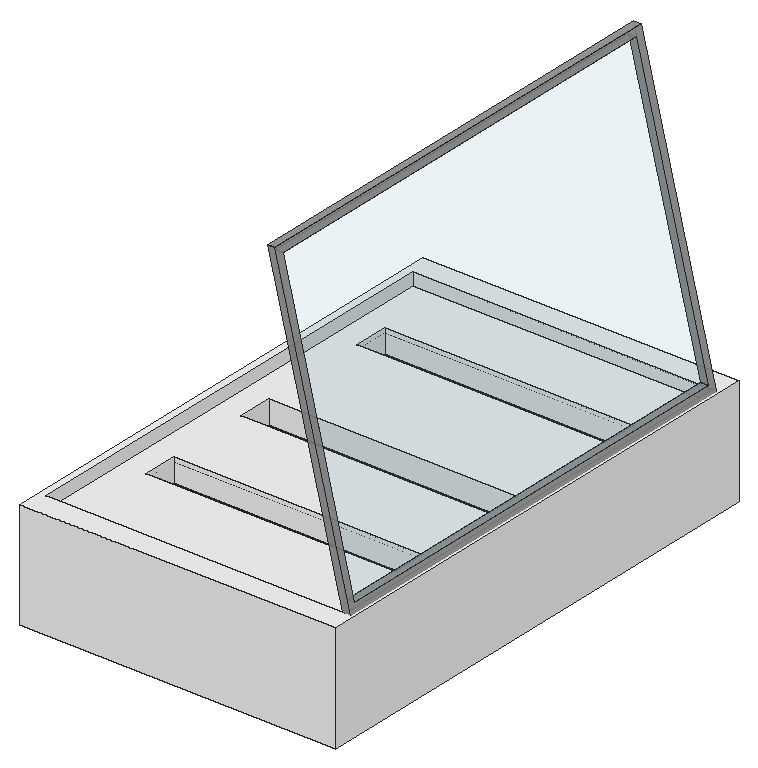
Revit family "Building-SurfaceMountingEnclosures-GEWISS-40CDK-ENCLOSURES_IP65_3X", category Apparecchi elettrici, host Superficie, Revit 2016
Family settings
  Host = Superficie
  Mantenere orientamento annotazione = Sì
  Tipo di parte = Normale
  Quota connettore circolare = Usa diametro
  Numero OmniClass = 23.80.30.11.17
  Titolo OmniClass = Distribution Boards and Control Panels
  Taglio con vuoti quando caricato = No
  Condiviso = No
  Punto di calcolo locali = Sì
Parameters (values of type "GW40108 - SUR. MOU. DISTRIB.BOARD 54M.(18X3) IP65")
  voltaggio_quadro = 0 V
  fase1 = 0 VA
  Version file RFA = "18.0"
  VISIBILITA'_QUADRO_IN PIANTA [instance] = yes
  VISIBILITA'_ETICHETTA QUADRO [instance] = yes
  URL = "https://www.gewiss.com/ww/en"
  Type of material = "Halogen-free in compliance with EN 60754-2"
  Thermo-pressure with ball = "70 °C"
  Technical sheet = "https://www.gewiss.com/ww/en/search?q=GW40108"
  Standard. = "EN 60670-1 (CEI 23-48) IEC60670-24 CEI 23-49"
  Standard = "EN 60670-1 (CEI 23-48) IEC60670-24 CEI 23-49"
  Spostamento_x [instance] = 1000 mm
  Spostamento_effettivo_x [instance] = 1000 mm + Spostamento_x  # 2000 mm
  Spostamento_effettivo_x_ET [instance] = 1000 mm + Spostamento_x_ET  # 2000 mm
  Spostamento_x_ET = 1000 mm
  VISIBILITA'_SPORTELLO [instance] = yes
  VISIBILITA'_SIMBOLO_2D [instance] = yes
  Shock resistance = "IK09"
  SEO = "Board"
  Realized by GEWISS S.p.A. = ""
  Rated voltage = "400V"
  Rated insulation voltage (Ui) = "1000 V"
  Rated current: = "125A"
  QUADRO = FINITURA BIANCA
  Default Elevation = 1219.2 mm
  Prondita_quadro = 140 mm  # constant formula
  Produttore = "GEWISS S.p.A."
  Outer dim. LxHxD (mm) = "410x655x140"
  Operating temperature = "-25 +60 °C"
  Nome quadro [instance] = "Nome quadro"
  No. of modules EN 50022: = "54 (18x3)"
  No. of modules EN 50022 = "54 (18x3)"
  N.M. = 18
  Modello = "GW40108"
  Max. installable terminal blocks = "2 x18 modules"
  L_quadro = 410 mm
  L_finestratura = Dimensione_modulo * N.M.  # 324 mm
  Insulation voltage: = "1000 V according to EN 62208 both in ac as well as in dc"
  Insulation class = "II (according to IEC 61140 standards)"
  IP degree = "IP65"
  IDT = "68f9e14e-b0aa-41f9-8f3c-b00676268cd7"
  IDF = "776dcc74-c8dd-4db0-98ea-e49dd677a339"
  H_quadro = 655 mm
  H_finestratura = 45 mm  # constant formula
  Glow Wire Test = "650°C"
  Electrocod = "0321"
  EAN code = "8011564062252"
  Door colour = "Smoked Transparent"
  Dispersible power (W) = "66"
  Dimensione_modulo = 18 mm
  Diametro_tubazione = 30 mm
  Descrizione = "SUR. MOU. DISTRIB.BOARD 54M.(18X3) IP65"
  Colour = "Grey RAL 7035"
  Catalogue Range = "40 CDK"
  Catalogue = "BUILDING"
  COBie.Tagnumber = ""
  COBie.CreatedOn = ""
  COBie.CreatebBy = ""
  COBie.ComponentRegisterItemID = ""
  COBie.Component.TagNumber = ""
  COBie.Component.Space = ""
  COBie.Component.SerialNumber = ""
  COBie.Component.InstallationDate = ""
  COBie.Component.Description = ""
  COBie.Component.BarCode = ""
  Apertura [instance] = 45.00°
  Accessories for insulation restoring = "Screwcaps (GW44623) or fixing brackets in resin (GW44621)"
Types (2, lengths in mm): name | Technical sheet | Outer dim. LxHxD (mm) | No. of modules EN 50022: | No. of modules EN 50022 | N.M. | Modello | Max. installable terminal blocks | L_quadro | L_finestratura | IDT | H_quadro | EAN code | Dispersible power (W) | Descrizione
  GW40105 - SUR. MOU. DISTRIB.BOARD 36M.(12X3) IP65 | "https://www.gewiss.com/ww/en/search?q=GW40105" | "298x570x140" | "36 (12x3)" | "36 (12x3)" | 12 | "GW40105" | "3 x 12 modules" | 298 | 216 | "85c86d03-d810-418a-93a3-42e2bad50342" | 570 | "8011564111370" | "42" | "SUR. MOU. DISTRIB.BOARD 36M.(12X3) IP65"
  GW40108 - SUR. MOU. DISTRIB.BOARD 54M.(18X3) IP65 | "https://www.gewiss.com/ww/en/search?q=GW40108" | "410x655x140" | "54 (18x3)" | "54 (18x3)" | 18 | "GW40108" | "2 x18 modules" | 410 | 324 | "68f9e14e-b0aa-41f9-8f3c-b00676268cd7" | 655 | "8011564062252" | "66" | "SUR. MOU. DISTRIB.BOARD 54M.(18X3) IP65"
Reference planes
  plane 1 "Centro (Fronte/Retro)": y = 0
  plane 2: z = 0
  plane 3 "Centro (Sinistra/Destra)": x = 0
  plane 4: x = -205
  plane 5: y = -327.5
  plane 6: x = 205
  plane 7: y = 327.5
  plane 8: x = -162
  plane 9: x = 162
  plane 10: z = 140
  plane 11: y = 297.5
  plane 12: y = -297.5
  plane 13 "POSIZIONE": z = 124
  plane 14: z = 94
  plane 15: z = 119
  plane 16: x = -2000
  plane 17: x = 0
  plane 18: z = 534
  plane 19: y = -153.94
  plane 20: y = 22.5
  plane 21: y = -22.5
  plane 22: x = -195
  plane 23: x = 195
  plane 24: x = 0
  plane 25: y = 211.06
  plane 26: y = 146.06
  plane 27: y = 166.06
  plane 28: y = -131.44
  plane 29: y = -176.44
  plane 30: z = 135
  plane 31: y = -196.44
  plane 32: y = -111.44
  plane 33: y = -42.5
  plane 34: y = 42.5
  plane 35: y = 146.06
  plane 36: y = 231.06
  plane 37: z = 150
  plane 38: y = 287.5
  plane 39: y = -287.5
Forms (mm)
  Extrusion 1, solid, material "FINITURA BIANCA" <- "QUADRO"
    sketch origin (0, 0, 0) x (1, 0, 0) y (0, 1, 0)
      loop
        line (-205, 327.5) -> (-205, -327.5) -> (205, -327.5) -> (205, 327.5) -> (-205, 327.5)
    from 0 to 140
  Extrusion 2, void
    sketch origin (0, 0, 0) x (1, 0, 0) y (0, 1, 0)
      loop
        line (-195, 297.5) -> (-195, -297.5) -> (195, -297.5) -> (195, 297.5) -> (-195, 297.5)
    from 124 to 140
  Extrusion 3, void
    sketch origin (0, 0, 0) x (1, 0, 0) y (0, 1, 0)
      loop
        line (-162, -131.44) -> (-162, -176.44) -> (162, -176.44) -> (162, -131.44) -> (-162, -131.44)
    from 94 to 140
  Extrusion 4, solid, material "Default - Vetro", visible <- "VISIBILITA'_SPORTELLO"
    sketch origin (23.292, 0, -21.697) x (0.970296, 0, 0.241922) y (-0.241922, 0, 0.970296)
      loop
        line (211.558, 97.41) -> (211.558, 519.962) -> (201.558, 522.455) -> (201.558, 99.903) -> (211.558, 97.41)
    from -297.5 to 297.5
  Extrusion 5, void
    sketch origin (0, 155, 0) x (1, 0, 0) y (0, 1, 0)
      loop
        line (-162, 56.06) -> (-162, 11.06) -> (162, 11.06) -> (162, 56.06) -> (-162, 56.06)
    from 94 to 124
  Extrusion 6, solid, material "SUP_TRASPARENTE"
    sketch origin (0, 0, 124) x (-1, 0, 0) y (0, -1, 0)
      loop
        line (162, -211.06) -> (162, -166.06) -> (-162, -166.06) -> (-162, -211.06) -> (162, -211.06)
      loop
        line (162, 131.44) -> (162, 176.44) -> (-162, 176.44) -> (-162, 131.44) -> (162, 131.44)
      loop
        line (-162, -22.5) -> (162, -22.5) -> (162, 22.5) -> (-162, 22.5) -> (-162, -22.5)
    from -5 to 0
  Extrusion 7, void
    sketch origin (0, 0, 124) x (-1, 0, 0) y (0, -1, 0)
      loop
        line (-162, -22.5) -> (162, -22.5) -> (162, 22.5) -> (-162, 22.5) -> (-162, -22.5)
    from -30 to 0
  Extrusion 8, void
    sketch origin (0, 0, 0) x (1, 0, 0) y (0, 0, 1)
      loop
        line (94.963, 524) -> (188.211, 150) -> (198.517, 150) -> (105.269, 524) -> (94.963, 524)
    from -287.5 to 287.5
  Extrusion 9, solid, material "Vetro", visible <- "VISIBILITA'_SPORTELLO"
    sketch origin (0, 0, 0) x (1, 0, 0) y (0, 0, 1)
      loop
        line (198.517, 150) -> (105.269, 524) -> (94.963, 524) -> (188.211, 150) -> (198.517, 150)
    from -287.5 to 287.5
Cuts and joins
  Extrusion 2, Extrusion 3, Extrusion 5, Extrusion 7 cuts Extrusion 1
  Extrusion 7, Extrusion 8 cuts Extrusion 4
  Extrusion 7 cuts Extrusion 6
Lines and regions (mm)
  Masking region 1, visible <- "VISIBILITA'_QUADRO_IN PIANTA"
    outline origin (0, 0, 0) x (1, 0, 0) y (0, 0, 1)
      loop
        line (-205, 140) -> (-205, 0) -> (205, 0) -> (205, 140) -> (-205, 140)
  symbolic lines, visible <- "VISIBILITA'_QUADRO_IN PIANTA"
    curve 1: arc (-205, 0, 140) -> (-173.791, 0, 296.9) -> (-84.914, 0, 429.914) r 410
    curve 2: line (-84.914, 0, 429.914) -> (205, 0, 140)
  model lines, style "InvisibleLines"
    curve 3: line (-162, -153.94, 124) -> (162, -153.94, 124)
    curve 4: line (-162, 146.06, 124) -> (162, 146.06, 124)
    curve 5: line (-162, 0, 124) -> (162, 0, 124)
Dimensions and locks
  equal spacing: plane 8, plane 3 "Centro (Sinistra/Destra)", plane 9
  equal spacing: plane 4, plane 3 "Centro (Sinistra/Destra)", plane 6
  equal spacing: plane 7, plane 1 "Centro (Fronte/Retro)", plane 5
  "L_quadro": plane 4 to plane 6
  "H_quadro": plane 7 to plane 5
  "Prondita_quadro": plane 10 to plane 2
  "L_finestratura": plane 8 to plane 9
  locked: plane 7 to plane 11 at 30
  locked: plane 12 to plane 5 at 30
  locked: plane 13 "POSIZIONE" to plane 14 at 30
  locked: plane 10 to plane 13 "POSIZIONE" at 16
  locked: plane 13 "POSIZIONE" to plane 15 at 5
  plane 16 to plane 3 "Centro (Sinistra/Destra)" = 2000 mm
  "Spostamento_effettivo_x": plane 16 to plane 17
  "L_quadro": plane 18 to plane 13 "POSIZIONE"
  locked: plane 4 to plane 22 at 10
  locked: plane 23 to plane 6 at 10
  equal spacing: plane 21, plane 1 "Centro (Fronte/Retro)", plane 20
  "H_finestratura": plane 21 to plane 20
  "Spostamento_effettivo_x_ET": plane 16 to plane 24
  locked: plane 10 to plane 30 at 5
  locked: plane 31 to plane 29 at 20
  locked: plane 28 to plane 32 at 20
  locked: plane 33 to plane 21 at 20
  locked: plane 20 to plane 34 at 20
  locked: plane 35 to plane 27 at 20
  locked: plane 25 to plane 36 at 20
  plane 25 to plane 27 = 45 mm
  locked: plane 11 to plane 36 at 66.44
  locked: plane 37 to plane 10 at 10
  locked: plane 18 to cut or joined group of Extrusion 4, Extrusion 7, Extrusion 8 at 10
  locked: plane 39 to plane 12 at 10
  locked: plane 11 to plane 38 at 10
  "Apertura": angle curve 1 to curve 1
  aligned and locked: plane 2 to host face
  aligned and locked: level to host face
  aligned and locked: Extrusion 1 sketch curve to plane 4
  aligned and locked: Extrusion 1 sketch curve to plane 7
  aligned and locked: Extrusion 1 sketch curve to plane 6
  aligned and locked: Extrusion 1 sketch curve to plane 5
  aligned and locked: plane 10 to Extrusion 1
  aligned and locked: Extrusion 2 sketch curve to plane 11
  aligned and locked: Extrusion 2 sketch curve to plane 12
  aligned and locked: Extrusion 2 to plane 13 "POSIZIONE"
  aligned and locked: plane 10 to Extrusion 2
  aligned and locked: Extrusion 3 sketch curve to plane 8
  aligned and locked: Extrusion 3 sketch curve to plane 9
  aligned and locked: Extrusion 3 to plane 14
  aligned and locked: plane 10 to Extrusion 3
  aligned and locked: Masking region 1 sketch curve to plane 4
  aligned and locked: Masking region 1 sketch curve to plane 6
  aligned and locked: Masking region 1 sketch curve to level
  aligned and locked: Masking region 1 sketch curve to plane 10
  aligned and locked: plane 11 to Extrusion 4
  aligned and locked: Extrusion 4 to plane 12
  aligned and locked: Extrusion 4 sketch curve to plane 13 "POSIZIONE"
  aligned and locked: plane 6 to Extrusion 4 sketch curve
  aligned and locked: Extrusion 4 sketch curve to plane 18
  aligned and locked: plane 10 to curve 2
  aligned and locked: plane 8 to curve 3
  aligned and locked: plane 9 to curve 3
  aligned and locked: plane 17 to nested 2
  aligned and locked: curve 3 to plane 19
  aligned and locked: Extrusion 2 sketch curve to plane 22
  aligned and locked: Extrusion 2 sketch curve to plane 23
  aligned and locked: Extrusion 6 sketch curve to plane 8  (x2)
  aligned and locked: Extrusion 6 sketch curve to plane 9  (x2)
  aligned and locked: Extrusion 6 to plane 15
  aligned and locked: plane 13 "POSIZIONE" to Extrusion 6
  aligned and locked: cut or joined group of Extrusion 1, Extrusion 2, Extrusion 3, Extrusion 5, Extrusion 7 to plane 14  (x2)
  aligned and locked: Extrusion 5 to Extrusion 2
  aligned and locked: Extrusion 6 sketch curve to plane 20
  aligned and locked: Extrusion 6 sketch curve to plane 21
  aligned and locked: Extrusion 7 sketch curve to plane 20
  aligned and locked: Extrusion 7 sketch curve to plane 21
  aligned and locked: Extrusion 7 sketch curve to plane 9
  aligned and locked: Extrusion 7 sketch curve to plane 8
  aligned and locked: Extrusion 7 to Extrusion 2
  aligned and locked: plane 1 "Centro (Fronte/Retro)" to curve 5
  aligned and locked: plane 8 to curve 5
  aligned and locked: plane 9 to curve 5
  aligned and locked: plane 24 to nested 1
  aligned and locked: curve 4 to plane 26
  aligned and locked: Extrusion 6 sketch curve to plane 25
  aligned and locked: Extrusion 6 sketch curve to plane 27
  aligned and locked: plane 28 to Extrusion 6 sketch curve
  aligned and locked: plane 29 to Extrusion 6 sketch curve
  aligned and locked: Extrusion 5 to cut or joined group of Extrusion 6, Extrusion 7  (x2)
  aligned and locked: plane 29 to cut or joined group of Extrusion 1, Extrusion 2, Extrusion 3, Extrusion 5, Extrusion 7
  aligned and locked: cut or joined group of Extrusion 1, Extrusion 2, Extrusion 3, Extrusion 5, Extrusion 7 to plane 28
  aligned and locked: cut or joined group of Extrusion 4, Extrusion 7, Extrusion 8 to Extrusion 8 sketch curve  (x2)
  aligned and locked: Extrusion 8 sketch curve to plane 37
  aligned and locked: plane 38 to cut or joined group of Extrusion 4, Extrusion 7, Extrusion 8
  aligned and locked: cut or joined group of Extrusion 4, Extrusion 7, Extrusion 8 to plane 39
  aligned and locked: cut or joined group of Extrusion 4, Extrusion 7, Extrusion 8 to Extrusion 9 sketch curve  (x2)
  aligned and locked: Extrusion 9 sketch curve to cut or joined group of Extrusion 4, Extrusion 7, Extrusion 8
  aligned and locked: Extrusion 9 sketch curve to plane 37
  aligned and locked: plane 38 to Extrusion 9
  aligned and locked: Extrusion 9 to plane 39
Automatic sketch dimensions
  host sketch curve to host sketch curve = 2438.4 mm  (x2)
  plane 29 to Extrusion 3 sketch curve = 0 mm
  plane 28 to Extrusion 3 sketch curve = 0 mm
  curve 4 to plane 9 = 0 mm
  curve 4 to plane 8 = 0 mm
  Extrusion 4 sketch curve to Extrusion 4 sketch curve = 10 mm
  Extrusion 5 sketch curve to plane 8 = 0 mm
  Extrusion 5 sketch curve to plane 9 = 0 mm
  Extrusion 5 sketch curve to plane 27 = 0 mm
  Extrusion 5 sketch curve to plane 25 = 0 mm
  Extrusion 6 sketch curve to plane 9 = 0 mm
  Extrusion 6 sketch curve to plane 8 = 0 mm
  Extrusion 8 sketch curve to plane 18 = 10 mm
  curve 1 to plane 4 = 0 mm
  plane 6 to curve 2 = 0 mm
  plane 6 to curve 1 = 0 mm
  curve 1 to plane 10 = 0 mm
Nested families
  nested 1: "etichetta quadro" at (0, 185.807, 0), visible <- "VISIBILITA'_ETICHETTA QUADRO", type "etichetta quadro"
  nested 2: "CENTRALINO" at (0, 396.712, 0), SIMBOLO ACCESO <- "VISIBILITA'_SIMBOLO_2D", type "CENTRALINO"
    with SIMBOLO ACCESO yes, BORDO ACCESO yes
Connectors
  electrical at (0, -327.5, 70), driven by "voltaggio_quadro", driven by "fase1"
    settings: on cut or joined group of Extrusion 1, Extrusion 2, Extrusion 3, Extrusion 5, Extrusion 7, index 1, voltage 0 V, apparent load 0 VA, apparent load phase1 0 VA, apparent load phase2 0 VA, apparent load phase3 0 VA, power factor 1, load classification "Altro", number of poles 1, system type 31, power factor state 1, is connector primary yes, connector utility no, sub classification motor no, connector description ""
  cabletrayconduit at (0, 327.5, 70), diameter 30, driven by "Diametro_tubazione"
    settings: on cut or joined group of Extrusion 1, Extrusion 2, Extrusion 3, Extrusion 5, Extrusion 7, index 2, connector width 300 mm, connector height 300 mm, connector angle 0.00°, system type 32, placement type 0, profile type 0, connector reference index -1, is primary connector yes, connector utility param no, connector description ""
Definition of nested family "etichetta quadro"
  Parameters (values of type "etichetta quadro")
    Nome Quadro = "Nome quadro"
  Reference planes
    plane 1: y = 0
    plane 2: x = 0
  Text (mm)
    label "QE" at (0.542, 2.149, 0), shows "Nome Quadro"
Definition of nested family "CENTRALINO"
  Parameters (values of type "CENTRALINO")
    SIMBOLO ACCESO [instance] = yes
    Distanza dal muro = 4.208 mm
    BORDO ACCESO [instance] = yes
  Reference planes
    plane 1: y = 0
    plane 2: x = 0
  Lines and regions (mm)
    detail lines, visible <- "BORDO ACCESO", not visible
      curve 1: line (-2.443, 10.208, 0) -> (2.057, 10.208, 0)
      curve 2: line (2.057, 10.208, 0) -> (2.057, 4.208, 0)
      curve 3: line (2.057, 4.208, 0) -> (-2.443, 4.208, 0)
      curve 4: line (-2.443, 4.208, 0) -> (-2.443, 10.208, 0)
      curve 5: line (-2.043, 9.808, 0) -> (1.657, 9.808, 0)
      curve 6: line (1.657, 9.808, 0) -> (1.657, 4.608, 0)
      curve 7: line (1.657, 4.608, 0) -> (-2.043, 4.608, 0)
      curve 8: line (-2.043, 4.608, 0) -> (-2.043, 9.808, 0)
    detail lines, visible <- "SIMBOLO ACCESO"
      curve 9: line (0, 1.086, 0) -> (0, 0.282, 0)
      curve 10: line (0.79, 1.086, 0) -> (0.79, 1.877, 0)
      curve 11: line (0.79, 1.877, 0) -> (-0.79, 1.877, 0)
      curve 12: line (-0.79, 1.877, 0) -> (-0.79, 1.086, 0)
      curve 13: line (-0.79, 1.086, 0) -> (0.79, 1.086, 0)
      curve 14: line (0.596, 1.877, 0) -> (0.596, 2.682, 0)
      curve 15: line (0.201, 1.877, 0) -> (0.201, 2.682, 0)
      curve 16: line (-0.194, 1.877, 0) -> (-0.194, 2.682, 0)
      curve 17: line (-0.59, 1.877, 0) -> (-0.59, 2.682, 0)
